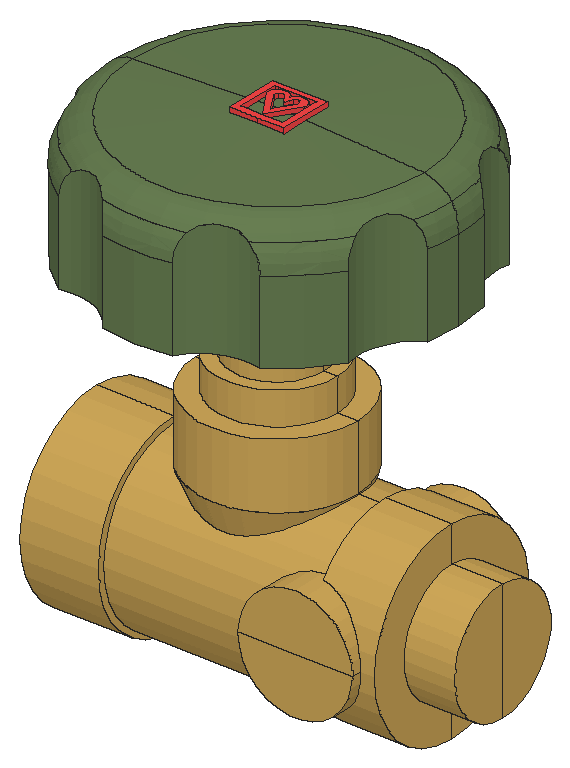
Revit family "Absperrventil 4215 W IG-AG", category Rohrzubehör, Revit 2020
Family settings
  Bemaßung runder Anschluss = Durchmesser verwenden
  Teiletyp = Unterbricht
  OmniClass-Nummer = 23.65.55.14
  OmniClass-Titel = Valves for Liquid Services
  Arbeitsebenenbasiert = Nein
  Immer vertikal = Ja
  Beim Laden mit Abzugskörper schneiden = Nein
  Gemeinsam genutzt = Nein
Parameters
  Vorgabe-Ansicht = 0 mm
  URL = "www.herz-armaturen.at"
  T01 = 17.5 mm  # constant formula
  SC_NennweiteBerechnet = 0
  SC_Dimension = ""
  SCTWSEQ = "FW;SBT_TYP_FW=\"106\";2"
  SCTWCODE = "04;01;02"  # constant formula
  S03 = 60 mm  # constant formula
  S02 [instance] = H01 + H02 + H03  # 46 mm
  S01 [instance] = R01 * 2  # 32 mm
  R09 [instance] = Nennweite Aus / 2  # 10 mm
  R08 [instance] = size_lookup("4215W_", "R8", 9.5 mm, Nennweite)  # 9.5 mm
  R07 = 3 mm  # constant formula
  R06 [instance] = size_lookup("4215W_", "R6", 7.8 mm, Nennweite)  # 7.8 mm
  R05 [instance] = size_lookup("4215W_", "R5", 10.1 mm, Nennweite)  # 10.1 mm
  R04 [instance] = size_lookup("4215W_", "R4", 13.5 mm, Nennweite)  # 13.5 mm
  R03 = 15 mm  # constant formula
  R02 [instance] = Nennweite / 2  # 7.5 mm
  R01 = 16 mm  # constant formula
  Nennweite Aus [instance] = 20 mm  # constant formula
  Nennweite [instance] = 15 mm  # constant formula
  Min. Durchfluss bei Dp 10 kPa [instance] = if(Nennweite = 15 mm, 0.2, if(Nennweite = 20 mm, 0.4, if(Nennweite = 25 mm, 0.7, if(Nennweite = 32 mm, 1.2, if(Nennweite = 40 mm, 1.6, if(Nennweite = 50 mm, 2.7, 0))))))  # 0.2
  Medium = "Trinkwasser"  # constant formula
  Max. Differenzdruck auf geschlossenen Sitz = 1000000.0 Pa  # constant formula
  Max. Betriebstemperatur = 90 °C  # constant formula
  Max. Betriebsdruck = 1000000.0 Pa  # constant formula
  L06 = 18 mm  # constant formula
  L05 = 8.5 mm  # constant formula
  L04 = 37.5 mm  # constant formula
  L03 = 17 mm  # constant formula
  L02 = 12 mm  # constant formula
  L01 = 13 mm  # constant formula
  L00 = 30 mm  # constant formula
  Hinweis = "Gemäß Art 33 der REACH-Verordnung (EG Nr. 1907/2006) sind wir verpflichtet, darauf hinzuweisen, dass der Stoff Blei auf der SVHC-Liste geführt wird und dass alle aus Messing bestehenden Bauteile, die in unseren Erzeugnissen verarbeitet sind, mehr als 0,1 % (w/w) Blei (CAS: 7439-92-1 / EINECS: 231-100-4) enthalten.\r\nDa Blei als Legierungsbestandteil fest gebunden ist, sind keine Expositionen zu erwarten und daher sind keine zusätzlichen Angaben zur sicheren Verwendung notwendig."
  Hersteller = "HERZ Armaturen Ges.m.b.H"  # constant formula
  Handrad = "Kunststoff, grün"  # constant formula
  H04 = 21 mm  # constant formula
  H03 = 14.6 mm  # constant formula
  H02 = 5.4 mm  # constant formula
  H01 = 26 mm  # constant formula
  H00 [instance] = H01 + H02 + H03  # 46 mm
  Gehäuse = "entzinkungsbeständiges Messing nach EN1982"  # constant formula
  O-Ringe = "EPDM"  # constant formula
  Bestellnummer = 2412561  # constant formula
  Anwendungsgebiet = "Zum Absperren von Trinkwasserleitungen und -anlagen in Gebäuden"
Reference planes
  plane 1 "Mitte (Vorne/hinten)": y = 0
  plane 2: z = 0
  plane 3 "Mitte (Links/rechts)": x = 0
Forms (mm)
  Revolve 1, solid, material "Messing, weicher Gelbton, geschweißt", detail levels fine
    sketch origin (470, 0, 0) x (1, 0, 0) y (0, 0, 1)
      loop
        line (-500, 7.5) -> (-488, 7.5) -> (-488, 0) -> (-432.5, 0) -> (-432.5, 10) -> (-441, 10) -> (-441, 16) -> (-452, 16) -> (-452, 15) -> (-487, 15) -> (-487, 16) -> (-500, 16) -> (-500, 7.5)
      axis (-500, 0) -> (-432.5, 0)
    angle from 0 to 360
  Revolve 2, solid, material "Messing, weicher Gelbton, geschweißt", detail levels fine
    sketch origin (0, 0, 0) x (1, 0, 0) y (0, 0, 1)
      loop
        line (0, 0) -> (0, 46) -> (-7.8, 46) -> (-7.8, 31.4) -> (-10.1, 31.4) -> (-10.1, 26) -> (-13.5, 26) -> (-13.5, 15) -> (-7.5, 0) -> (0, 0)
      axis (0, 46) -> (0, 0)
    angle from 0 to 360
  Revolve 3, solid, material "Messing, weicher Gelbton, geschweißt", detail levels fine
    sketch origin (0, 0, 0) x (1, 0, 0) y (0, 1, 0)
      loop
        line (17, -17.5) -> (26.5, -17.5) -> (26.5, -7.5) -> (20, -7.5) -> (20, 7.5) -> (26.5, 7.5) -> (26.5, 17.5) -> (17, 17.5) -> (17, -17.5)
      axis (17, 17.5) -> (17, -17.5)
    angle from 0 to 360
Lines and regions (mm)
  model lines, detail levels coarse+medium
    curve 1: line (-30, 0, 16) -> (-30, 0, -16)
    curve 2: line (-30, 0, -16) -> (37.5, 0, 16)
    curve 3: line (37.5, 0, 16) -> (37.5, 0, -16)
    curve 4: line (37.5, 0, -16) -> (-30, 0, 16)
    curve 5: line (3.75, 0, 0) -> (3.75, 0, 46)
    curve 6: line (-26.25, 0, 46) -> (33.75, 0, 46)
    curve 7: line (-30, -16, 0) -> (-30, 16, 0)
    curve 8: line (-30, 16, 0) -> (37.5, -16, 0)
    curve 9: line (37.5, -16, 0) -> (37.5, 16, 0)
    curve 10: line (37.5, 16, 0) -> (-30, -16, 0)
    curve 11: line (3.75, 0, 0) -> (3.75, 46, 0)
    curve 12: line (-26.25, 46, 0) -> (33.75, 46, 0)
Dimensions and locks
  "R01": Revolve 1 sketch curve to Revolve 1 sketch curve  (x2)
  "R02": Revolve 1 sketch curve to Revolve 1 sketch curve
  "L01": Revolve 1 sketch curve to Revolve 1 sketch curve
  "L02": Revolve 1 sketch curve to Revolve 1 sketch curve
  "R03": Revolve 1 sketch curve to Revolve 1 sketch curve
  "R03": Revolve 2 sketch curve to Revolve 2 sketch curve
  "R02": Revolve 2 sketch curve to Revolve 2 sketch curve
  "R04": Revolve 2 sketch curve to Revolve 2 sketch curve
  "R05": Revolve 2 sketch curve to Revolve 2 sketch curve
  "R06": Revolve 2 sketch curve to Revolve 2 sketch curve
  "H01": Revolve 2 sketch curve to plane 2
  "T01": Revolve 3 sketch curve to plane 1 "Mitte (Vorne/hinten)" to Revolve 3 sketch curve
  "R02": Revolve 3 sketch curve to plane 1 "Mitte (Vorne/hinten)"
  "R02": plane 1 "Mitte (Vorne/hinten)" to Revolve 3 sketch curve
  "R07": Revolve 3 sketch curve to Revolve 3 sketch curve
  "R08": Revolve 3 sketch curve to Revolve 3 sketch curve
  "H02": Revolve 2 sketch curve to Revolve 2 sketch curve
  "H03": Revolve 2 sketch curve to Revolve 2 sketch curve
  "L00": plane 3 "Mitte (Links/rechts)" to Revolve 1 sketch curve
  "L04": Revolve 1 sketch curve to plane 3 "Mitte (Links/rechts)"
  "R09": Revolve 1 sketch curve to Revolve 1 sketch curve
  "L03": plane 3 "Mitte (Links/rechts)" to Revolve 3 sketch curve
  "L05": Revolve 1 sketch curve to Revolve 1 sketch curve
  "L06": Revolve 1 sketch curve to plane 3 "Mitte (Links/rechts)"
  "H00": nested 1 to plane 2
  "H04": nested 2 to Revolve 2
  equal spacing: curve 3, plane 2, curve 4
  "S01": curve 3 to curve 4
  equal spacing: curve 4, plane 2, curve 2
  "S01": curve 2 to curve 4
  "L00": curve 1 to plane 3 "Mitte (Links/rechts)"
  "L04": plane 3 "Mitte (Links/rechts)" to curve 3
  equal spacing: Revolve 1, curve 5, curve 3
  "S02": curve 5 to plane 2
  equal spacing: curve 6, curve 5, curve 6
  "S03": curve 6 to curve 6
  equal spacing: curve 10, plane 1 "Mitte (Vorne/hinten)", curve 8
  equal spacing: curve 9, plane 1 "Mitte (Vorne/hinten)", curve 10
  "S01": curve 8 to curve 7
  "S01": curve 10 to curve 9
  "L04": plane 3 "Mitte (Links/rechts)" to curve 9
  "L00": curve 7 to plane 3 "Mitte (Links/rechts)"
  equal spacing: curve 12, curve 11, curve 12
  equal spacing: curve 7, curve 11, curve 9
  "S03": curve 12 to curve 12
  "S02": plane 1 "Mitte (Vorne/hinten)" to curve 11
  aligned and locked: level to plane 2
Automatic sketch dimensions
  Revolve 1 sketch curve to level = 0 mm  (x2)
  Revolve 1 sketch curve to Revolve 1 sketch curve = 791.99 mm
  Revolve 1 sketch curve to Revolve 1 sketch curve = 2278.983 mm
  Revolve 2 sketch curve to level = 0 mm
  Revolve 2 sketch curve to plane 3 "Mitte (Links/rechts)" = 0 mm  (x2)
  Revolve 2 sketch curve to level = 366.045 mm
  Revolve 2 sketch curve to Revolve 2 sketch curve = 2165.278 mm
  Revolve 3 sketch curve to Revolve 3 sketch curve = 9.5 mm
  Revolve 3 sketch curve to Revolve 3 sketch curve = 0 mm
  Revolve 3 sketch curve to Revolve 3 sketch curve = 4.553 mm
  Revolve 3 sketch curve to Revolve 3 sketch curve = 3.768 mm
Nested families
  nested 1: "Strömax-Handrad (Grün)" at (0.258, 0, 46), type "Strömax-Handrad (Grün)", detail levels fine
    with Nennweite 0 mm, Gewicht 0.00 kg, Bestellnummer 0
  nested 2: "Herz-Logo" at (0.258, 0, 67), type "Herz-Logo", detail levels fine
Connectors
  piping at (-18, 0, 0), diameter 15, driven by "Nennweite"
    settings: on Revolve 1, index 1, connector inside diameter 609.6 mm, connector length 0 mm, flow factor 0, pipe flow 0.0 L/s, pressure drop 0.0 Pa, fitting loss kfactor 0, connector angle 0.00°, fixture units 0, engagement length 0 mm, angle of deflection 0.00°, flow configuration 0, flow direction 1, fitting loss method 0, system type 29, joint type 0, gender type 0, connector reference index -1, connector utility 0, adjustable connector no, is connector primary yes, connector description ""
  piping at (37.5, 0, 0), diameter 20, driven by "Nennweite Aus"
    settings: on Revolve 1, index 2, connector inside diameter 609.6 mm, connector length 0 mm, flow factor 0, pipe flow 0.0 L/s, pressure drop 0.0 Pa, fitting loss kfactor 0, connector angle 0.00°, fixture units 0, engagement length 0 mm, angle of deflection 0.00°, flow configuration 0, flow direction 2, fitting loss method 0, system type 29, joint type 0, gender type 0, connector reference index -1, connector utility 0, adjustable connector no, is connector primary no, connector description ""
Definition of nested family "Strömax-Handrad (Grün)"
  Parameters (values of type "Strömax-Handrad (Grün)")
    Default Elevation = 0 mm
    URL = "www.herz-armaturen.at"
    Nennweite [instance] = 0 mm
    Manufacturer = "Herz Armaturen GmbH"  # constant formula
    Gewicht [instance] = 0.00 kg
    Bestellnummer [instance] = 0
  Reference planes
    plane 1 "Mitte (Vorne/hinten)": y = 0
    plane 2: z = 0
    plane 3 "Mitte (Links/rechts)": x = 0
  Forms (mm)
    Revolve 1, solid
      sketch origin (0, 0, 0) x (1, 0, 0) y (0, 0, 1)
        loop
          line (0, 0) -> (0, 22)
          arc (0, 22) -> (-12.15, 21.705) -> (-24.271, 20.819) r 250
          arc (-24.271, 20.819) -> (-26.831, 19.959) -> (-28.754, 18.063) r 6
          arc (-28.754, 18.063) -> (-29.682, 16.008) -> (-30, 13.776) r 8
          line (-30, 13.776) -> (-30, 0) -> (0, 0)
        axis (0, 22) -> (0, 0)
      angle from 0 to 360
    Extrusion 2, void
      sketch origin (0, 0, 0) x (1, 0, 0) y (0, 1, 0)
        loop
          circle (14.351, -34.645) r 10
      from 0 to 22
    Extrusion 3, void
      sketch origin (0, 0, 0) x (-1, 0, 0) y (0, -1, 0)
        loop
          circle (14.351, 34.645) r 10
      from 0 to 22
    Extrusion 4, void
      sketch origin (0, 0, 0) x (0, -1, 0) y (1, 0, 0)
        loop
          circle (14.351, 34.645) r 10
      from 0 to 22
    Extrusion 5, void
      sketch origin (0, 0, 0) x (0, 1, 0) y (-1, 0, 0)
        loop
          circle (14.351, -34.645) r 10
      from 0 to 22
    Extrusion 6, void
      sketch origin (0, 0, 0) x (0, -1, 0) y (1, 0, 0)
        loop
          circle (14.351, -34.645) r 10
      from 0 to 22
    Extrusion 7, void
      sketch origin (0, 0, 0) x (0, 1, 0) y (-1, 0, 0)
        loop
          circle (14.351, 34.645) r 10
      from 0 to 22
    Extrusion 8, void
      sketch origin (0, 0, 0) x (1, 0, 0) y (0, 1, 0)
        loop
          circle (14.351, 34.645) r 10
      from 0 to 22
    Extrusion 9, void
      sketch origin (0, 0, 0) x (-1, 0, 0) y (0, -1, 0)
        loop
          circle (14.351, -34.645) r 10
      from 0 to 22
  Cuts and joins
    Extrusion 2, Extrusion 3, Extrusion 4, Extrusion 5, Extrusion 6, Extrusion 7, Extrusion 8, Extrusion 9 cuts Revolve 1
  Dimensions and locks
    aligned and locked: level to plane 2
Definition of nested family "Herz-Logo"
  Parameters (values of type "Herz-Logo")
    Default Elevation = 0 mm
  Reference planes
    plane 1 "Mitte (Vorne/hinten)": y = 0
    plane 2: z = 0
    plane 3 "Mitte (Links/rechts)": x = 0
  Forms (mm)
    Extrusion 1, solid
      sketch origin (0, 0, 0) x (1, 0, 0) y (0, 1, 0)
        loop
          line (-0.018, -4.517) -> (4.482, -4.517) -> (4.482, 4.483) -> (-4.518, 4.483) -> (-4.518, -4.517) -> (-0.018, -4.517)
        loop
          line (-0.05, -3.48) -> (3.482, -3.48) -> (3.482, 3.483) -> (-3.518, 3.483) -> (-3.518, -3.48) -> (-0.05, -3.48)
        loop
          arc (-0.018, 2.383) -> (-1.543, 3.287) -> (-3.067, 2.383) r 1.738
          arc (-3.067, 2.383) -> (-3.191, 1.899) -> (-3.067, 1.415) r 1.009
          line (-3.067, 1.415) -> (-0.018, -3.281) -> (3.032, 1.415)
          arc (3.032, 1.415) -> (3.156, 1.899) -> (3.032, 2.383) r 1.009
          arc (3.032, 2.383) -> (1.507, 3.287) -> (-0.018, 2.383) r 1.738
        loop
          arc (1.885, 1.272) -> (2.005, 1.675) -> (1.885, 2.079) r 0.74
          arc (1.885, 2.079) -> (1.265, 2.416) -> (0.644, 2.079) r 0.74
          line (0.644, 2.079) -> (-0.018, 0.97) -> (-0.679, 2.079)
          arc (-0.679, 2.079) -> (-1.3, 2.416) -> (-1.921, 2.079) r 0.74
          arc (-1.921, 2.079) -> (-2.04, 1.675) -> (-1.921, 1.272) r 0.74
          line (-1.921, 1.272) -> (-0.018, -1.658) -> (1.885, 1.272)
      from 0 to 1.5
  Dimensions and locks
    aligned and locked: level to plane 2
